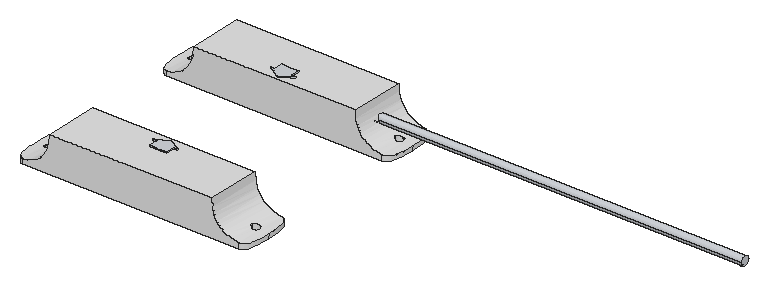
Revit family "izveshatel_io_102-26_isp_00", category Датчики, Revit 2016
Family settings
  Сохранять ориентацию аннотаций = Нет
  Тип детали = Нормальный
  Размер круглого соединителя = Использовать диаметр
  На основе рабочей плоскости = Нет
  Всегда вертикально = Да
  При загрузке вырезать с полостями = Нет
  Общий = Нет
  Точка расчета площади = Нет
Parameters (values of type "ИО 102-26 исп. 00")
  исп.200/250 = no
  исп.00 = yes
  Ширина магнита = 30 mm
  Смещение датчика от магнита [instance] = 70 mm
  Метизы = no
  Watermarked By = ""
  Type Comments = "﻿﻿                           ﻿       ﻿     ﻿       ​         ​       ​   ​                  ﻿      ​ ​  ​       ​     ​ ﻿​                    ﻿     ﻿       ﻿       ﻿     ​         ﻿               ﻿﻿"
  Изготовитель = "ООО НПП \"Магнито-Контакт\""
  Длина магнита = 130 mm
  Высота магнита = 20 mm
  URL = "http://www.m-kontakt.ru/produkt/datch_dlya_magn_konstr/ayaks_vse.html"
  Keynote = "﻿﻿                           ﻿       ﻿     ﻿       ​         ​       ​   ​                  ﻿      ​ ​  ​       ​     ​ ﻿​                    ﻿     ﻿       ﻿       ﻿     ​         ﻿               ﻿﻿"
  Description = "﻿﻿                           ﻿       ﻿     ﻿       ​         ​       ​   ​                  ﻿      ​ ​  ​       ​     ​ ﻿​                    ﻿     ﻿       ﻿       ﻿     ​         ﻿               ﻿﻿"
  BL_Разработано = "support@bimlib.ru"  # constant formula
  BL_Email = "451694@bk.ru"  # constant formula
  BL_BIM library = "https://bimlib.ru/manufacturer/company/2873"
  Assembly Code = "﻿﻿                           ﻿       ﻿     ﻿       ​         ​       ​   ​                  ﻿      ​ ​  ​       ​     ​ ﻿​                    ﻿     ﻿       ﻿       ﻿     ​         ﻿               ﻿﻿"
  ADSK_Размер_Ширина = 30 mm
  ADSK_Размер_Длина = 130 mm
  ADSK_Размер_Высота = 20 mm
  ADSK_Примечание = ""
  ADSK_Позиция = ""
  ADSK_Обозначение = "исп. 00"
  ADSK_Наименование = "Извещатель охранный точечный магнитоконтактный взрывозащищенный ИО102-26 ПАШК.425119.008"  # constant formula
  ADSK_Материал = Пластик белый
  ADSK_Масса = 0.25
  ADSK_Код изделия = ""
  ADSK_Завод-изготовитель = "ООО НПП \"Магнито-Контакт\""
  ADSK_Единица измерения = "шт."
  ADSK_Версия Revit = "2016"  # constant formula
  ADSK_URL страницы изделия = ""
  ADSK_URL документации изделия = ""
Reference planes
  plane 1 "По центру (Вперед/Назад)": y = 0
  plane 2: z = 0
  plane 3 "По центру (Влево/Вправо)": x = 0
  plane 4: x = -65
  plane 5: x = 65
  plane 6: z = 20
  plane 7: y = -35
  plane 8: y = -65
  plane 9: y = 35
  plane 10: y = 65
  plane 11: z = 20
  plane 12: x = -65
  plane 13: x = 65
Forms (mm)
  Extrusion 1, solid, material "Пластик белый" <- "ADSK_Материал", visible <- "исп.00", detail levels medium+fine
    sketch origin (0, 0, 0) x (1, 0, 0) y (0, 1, 0)
      loop
        spline (60, 35) -> (60.799, 35.104) -> (61.528, 35.417) -> (62.187, 35.937) -> (62.778, 36.667) -> (63.299, 37.604) -> (63.75, 38.75) -> (64.132, 40.104) -> (64.444, 41.667) -> (64.687, 43.437) -> (64.861, 45.417) -> (64.965, 47.604) -> (65, 50)
        spline (65, 50) -> (64.965, 52.396) -> (64.861, 54.583) -> (64.687, 56.562) -> (64.444, 58.333) -> (64.132, 59.896) -> (63.75, 61.25) -> (63.299, 62.396) -> (62.778, 63.333) -> (62.187, 64.062) -> (61.528, 64.583) -> (60.799, 64.896) -> (60, 65)
        line (60, 65) -> (-60, 65)
        spline (-60, 65) -> (-60.799, 64.896) -> (-61.528, 64.583) -> (-62.187, 64.062) -> (-62.778, 63.333) -> (-63.299, 62.396) -> (-63.75, 61.25) -> (-64.132, 59.896) -> (-64.444, 58.333) -> (-64.687, 56.562) -> (-64.861, 54.583) -> (-64.965, 52.396) -> (-65, 50)
        spline (-65, 50) -> (-64.965, 47.604) -> (-64.861, 45.417) -> (-64.687, 43.437) -> (-64.444, 41.667) -> (-64.132, 40.104) -> (-63.75, 38.75) -> (-63.299, 37.604) -> (-62.778, 36.667) -> (-62.187, 35.937) -> (-61.528, 35.417) -> (-60.799, 35.104) -> (-60, 35)
        line (-60, 35) -> (60, 35)
    from 0 to 20
  Extrusion 2, solid, material "Пластик белый" <- "ADSK_Материал", visible <- "исп.00", detail levels medium+fine
    sketch origin (0, 0, 0) x (1, 0, 0) y (0, 1, 0)
      loop
        spline (-60, -35) -> (-60.799, -35.104) -> (-61.528, -35.417) -> (-62.188, -35.937) -> (-62.778, -36.667) -> (-63.299, -37.604) -> (-63.75, -38.75) -> (-64.132, -40.104) -> (-64.444, -41.667) -> (-64.687, -43.437) -> (-64.861, -45.417) -> (-64.965, -47.604) -> (-65, -50)
        spline (-65, -50) -> (-64.965, -52.396) -> (-64.861, -54.583) -> (-64.687, -56.562) -> (-64.444, -58.333) -> (-64.132, -59.896) -> (-63.75, -61.25) -> (-63.299, -62.396) -> (-62.778, -63.333) -> (-62.187, -64.062) -> (-61.528, -64.583) -> (-60.799, -64.896) -> (-60, -65)
        line (-60, -65) -> (60, -65)
        spline (60, -65) -> (60.799, -64.896) -> (61.528, -64.583) -> (62.187, -64.062) -> (62.778, -63.333) -> (63.299, -62.396) -> (63.75, -61.25) -> (64.132, -59.896) -> (64.444, -58.333) -> (64.687, -56.562) -> (64.861, -54.583) -> (64.965, -52.396) -> (65, -50)
        spline (65, -50) -> (64.965, -47.604) -> (64.861, -45.417) -> (64.687, -43.437) -> (64.444, -41.667) -> (64.132, -40.104) -> (63.75, -38.75) -> (63.299, -37.604) -> (62.778, -36.667) -> (62.188, -35.937) -> (61.528, -35.417) -> (60.799, -35.104) -> (60, -35)
        line (60, -35) -> (-60, -35)
    from 0 to 20
  Extrusion 3, void
    sketch origin (0, 0, 0) x (1, 0, 0) y (0, 0, 1)
      loop
        spline (-65, 2.4) -> (-61.823, 2.523) -> (-58.923, 2.889) -> (-56.299, 3.5) -> (-53.951, 4.356) -> (-51.879, 5.456) -> (-50.084, 6.8) -> (-48.565, 8.389) -> (-47.322, 10.222) -> (-46.355, 12.3) -> (-45.664, 14.622) -> (-45.25, 17.189) -> (-45.112, 20)
        line (-45.112, 20) -> (-65, 20) -> (-65, 2.4)
    from -65 to 65
  Extrusion 4, void
    sketch origin (0, 0, 0) x (-1, 0, 0) y (0, 0, -1)
      loop
        line (-65, -2.4) -> (-65, -20) -> (-45.112, -20)
        spline (-45.112, -20) -> (-45.25, -17.189) -> (-45.664, -14.622) -> (-46.355, -12.3) -> (-47.322, -10.222) -> (-48.565, -8.389) -> (-50.084, -6.8) -> (-51.879, -5.456) -> (-53.951, -4.356) -> (-56.299, -3.5) -> (-58.923, -2.889) -> (-61.823, -2.523) -> (-65, -2.4)
    from -65 to 65
  Extrusion 5, void
    sketch origin (0, 0, 0) x (1, 0, 0) y (0, 1, 0)
      loop
        circle (-57.5, -50) r 2.25
    from 0 to 20
  Extrusion 6, void
    sketch origin (0, 0, 0) x (-1, 0, 0) y (0, -1, 0)
      loop
        circle (-57.5, 50) r 2.25
    from 0 to 20
  Extrusion 7, void
    sketch origin (0, 0, 0) x (1, 0, 0) y (0, 1, 0)
      loop
        circle (-57.5, 50) r 2.25
    from 0 to 20
  Extrusion 8, void
    sketch origin (0, 0, 0) x (-1, 0, 0) y (0, -1, 0)
      loop
        circle (-57.5, -50) r 2.25
    from 0 to 20
  Extrusion 9, solid, detail levels fine
    sketch origin (0, 0, 0) x (0, 1, 0) y (0, 0, 1)
      loop
        circle (50, 10.11) r 2.25
    from 44.658 to 250
  Extrusion 10, solid, detail levels medium+fine
    sketch origin (0, -23.906, 0.428) x (1, 0, 0) y (0, 1, 0)
      loop
        line (0, 60.851) -> (7.071, 64.933) -> (4.651, 64.933) -> (4.651, 69.933) -> (0, 69.933) -> (-4.651, 69.933) -> (-4.651, 64.933) -> (-7.071, 64.933) -> (0, 60.851)
    from 19.122 to 20.022
  Extrusion 11, solid, not visible, detail levels medium+fine
    sketch origin (0, -20.156, 8.292) x (1, 0, 0) y (0, 1, 0)
      loop
        line (0, 60.851) -> (7.071, 64.933) -> (4.651, 64.933) -> (4.651, 69.933) -> (0, 69.933) -> (-4.651, 69.933) -> (-4.651, 64.933) -> (-7.071, 64.933) -> (0, 60.851)
    from 19.122 to 20.022
  Extrusion 12, solid, material "Пластик белый" <- "ADSK_Материал", visible <- "Метизы", not visible, detail levels medium+fine
    sketch origin (0, 0, 0) x (1, 0, 0) y (0, 0, 1)
      loop
        line (-34.626, 21.529) -> (-37.49, 26.489) -> (-43.217, 26.489) -> (-46.08, 21.529) -> (-43.217, 16.57) -> (-37.49, 16.57) -> (-34.626, 21.529)
      loop
        line (34.626, 21.529) -> (37.49, 16.57) -> (43.217, 16.57) -> (46.08, 21.529) -> (43.217, 26.489) -> (37.49, 26.489) -> (34.626, 21.529)
    from -111.796 to -110
  Extrusion 13, solid, material "Пластик белый" <- "ADSK_Материал", visible <- "Метизы", not visible, detail levels medium+fine
    sketch origin (0, 0, 0) x (1, 0, 0) y (0, 0, 1)
      loop
        circle (-40.251, 21.529) r 2
      loop
        circle (40.251, 21.529) r 2
    from -125.502 to -110
  Extrusion 14, solid, detail levels medium+fine
    sketch origin (0, -23.906, 0.428) x (1, 0, 0) y (0, 1, 0)
      loop
        line (0, -13.038) -> (-7.071, -17.121) -> (-4.651, -17.121) -> (-4.651, -22.121) -> (0, -22.121) -> (4.651, -22.121) -> (4.651, -17.121) -> (7.071, -17.121) -> (0, -13.038)
    from 19.122 to 20.022
Cuts and joins
  Extrusion 3, Extrusion 4, Extrusion 5, Extrusion 6, Extrusion 7, Extrusion 8 cuts Extrusion 2
  Extrusion 3, Extrusion 4, Extrusion 7, Extrusion 8 cuts Extrusion 1
Lines and regions (mm)
  reference lines
    curve 1: line (0, 54.016, 20) -> (0, 35.551, 20)
    curve 4: line (0, -54.016, 20) -> (0, -35.551, 20)
  reference lines, not visible
    curve 2: line (0, 57.766, 27.864) -> (0, 39.301, 27.864)
    curve 3: line (0, 125.502, 21.529) -> (0, 105.502, 21.529)
Dimensions and locks
  equal spacing: plane 4, plane 3 "По центру (Влево/Вправо)", plane 5
  "Длина магнита": plane 4 to plane 5
  "ADSK_Размер_Высота": level to plane 6
  equal spacing: plane 9, plane 1 "По центру (Вперед/Назад)", plane 7
  "Смещение датчика от магнита": plane 7 to plane 9
  "Ширина магнита": plane 9 to plane 10
  "ADSK_Размер_Ширина": plane 7 to plane 8
  "Высота магнита": plane 11 to level
  equal spacing: plane 12, plane 3 "По центру (Влево/Вправо)", plane 13
  "ADSK_Размер_Длина": plane 12 to plane 13
  equal spacing: plane 7, Extrusion 5 sketch curve, plane 8
  locked: plane 12 to Extrusion 5 sketch curve at 7.5
  equal spacing: plane 7, Extrusion 6 sketch curve, plane 8
  locked: Extrusion 6 sketch curve to plane 13 at 7.5
  equal spacing: plane 10, Extrusion 9 sketch curve, plane 9
  locked: Extrusion 9 sketch curve to level at 10.11
  Extrusion 10 to plane 11 = 0.45 mm
  aligned and locked: level to plane 2
  aligned and locked: Extrusion 1 sketch curve to plane 9
  aligned and locked: plane 11 to Extrusion 1
  aligned and locked: Extrusion 2 sketch curve to plane 7
  aligned and locked: plane 8 to Extrusion 2 sketch curve
  aligned and locked: plane 6 to Extrusion 2
  aligned and locked: Extrusion 3 sketch curve to plane 4
  aligned and locked: plane 6 to Extrusion 3 sketch curve
  aligned and locked: Extrusion 2 to Extrusion 4
  aligned and locked: Extrusion 3 to Extrusion 2
  aligned and locked: plane 6 to Extrusion 5
  aligned and locked: plane 6 to Extrusion 6
  aligned and locked: curve 1 to plane 11
Automatic sketch dimensions
  curve 1 to curve 1 = 18.465 mm
  curve 2 to curve 2 = 18.465 mm
  plane 4 to Extrusion 3 sketch curve = 19.888 mm
  level to Extrusion 3 sketch curve = 2.4 mm
  Extrusion 7 sketch curve to plane 4 = 7.5 mm
  plane 9 to Extrusion 7 sketch curve = 15 mm
  plane 5 to Extrusion 8 sketch curve = 7.5 mm
  Extrusion 8 sketch curve to plane 9 = 15 mm
  Extrusion 12 sketch curve to Extrusion 12 sketch curve = 2.864 mm  (x6)
  Extrusion 12 sketch curve to Extrusion 12 sketch curve = 5.727 mm  (x4)
  Extrusion 12 sketch curve to Extrusion 12 sketch curve = 4.96 mm  (x7)
  Extrusion 12 sketch curve to Extrusion 12 sketch curve = 69.252 mm
  Extrusion 13 sketch curve to Extrusion 13 sketch curve = 80.502 mm
  Extrusion 13 sketch curve to Extrusion 13 sketch curve = 0 mm
  curve 3 to curve 3 = 20 mm
  Extrusion 10 sketch curve to Extrusion 10 sketch curve = 2.42 mm  (x2)
  Extrusion 10 sketch curve to Extrusion 10 sketch curve = 4.651 mm  (x3)
  Extrusion 10 sketch curve to Extrusion 10 sketch curve = 4.082 mm  (x2)
  Extrusion 10 sketch curve to Extrusion 10 sketch curve = 5 mm
  Extrusion 11 sketch curve to Extrusion 11 sketch curve = 2.42 mm  (x2)
  Extrusion 11 sketch curve to Extrusion 11 sketch curve = 4.651 mm  (x3)
  Extrusion 11 sketch curve to Extrusion 11 sketch curve = 4.082 mm  (x2)
  Extrusion 11 sketch curve to Extrusion 11 sketch curve = 5 mm
  Extrusion 1 sketch curve to plane 4 = 0 mm
  plane 10 to Extrusion 1 sketch curve = 0 mm
  Extrusion 1 sketch curve to plane 5 = 0 mm
  plane 4 to Extrusion 1 sketch curve = 5 mm  (x2)
  plane 5 to Extrusion 1 sketch curve = 5 mm  (x2)
  Extrusion 1 sketch curve to plane 9 = 15 mm  (x2)
  curve 4 to curve 4 = 18.465 mm
  Extrusion 14 sketch curve to Extrusion 14 sketch curve = 2.42 mm  (x2)
  Extrusion 14 sketch curve to Extrusion 14 sketch curve = 4.651 mm  (x3)
  Extrusion 14 sketch curve to Extrusion 14 sketch curve = 4.082 mm  (x2)
  Extrusion 14 sketch curve to Extrusion 14 sketch curve = 5 mm
  Extrusion 2 sketch curve to plane 4 = 0 mm
  Extrusion 2 sketch curve to plane 5 = 0 mm
  plane 4 to Extrusion 2 sketch curve = 5 mm  (x2)
  plane 5 to Extrusion 2 sketch curve = 5 mm  (x2)
  Extrusion 2 sketch curve to plane 7 = 15 mm  (x2)
  plane 5 to Extrusion 4 sketch curve = 0 mm
  Extrusion 4 sketch curve to plane 6 = 0 mm
  Extrusion 4 sketch curve to plane 5 = 19.888 mm
  Extrusion 4 sketch curve to level = 2.4 mm
  radius of Extrusion 5 sketch curve = 2.25 mm
  radius of Extrusion 6 sketch curve = 2.25 mm
  radius of Extrusion 9 sketch curve = 2.25 mm
  radius of Extrusion 7 sketch curve = 2.25 mm
  radius of Extrusion 8 sketch curve = 2.25 mm
  radius of Extrusion 13 sketch curve = 2 mm  (x2)
Nested families
  nested 1: "уго_извещатель" at (0, 0, 0), type "уго_извещатель", detail levels coarse
Connectors
  electrical at (0, 0, 0)
    settings: index 1, voltage 0 V, apparent load 0 VA, apparent load phase1 0 VA, apparent load phase2 0 VA, apparent load phase3 0 VA, power factor 1, load classification "Прочее", number of poles 1, system type 10, power factor state 1, is connector primary yes, connector utility no, sub classification motor no, connector description ""
Definition of nested family "уго_извещатель"
  Parameters (values of type "уго_извещатель")
    Watermarked By = ""
  Reference planes
    plane 1: y = 0
    plane 2: x = 0
  Lines and regions (mm)
    Filled region 1, type "Цветовая область 1"
      outline origin (0, 0, 0) x (1, 0, 0) y (0, 1, 0)
        loop
          line (-2.5, 2.5) -> (-2.5, 0.9) -> (2.5, 0.9) -> (2.5, 2.5) -> (-2.5, 2.5)
    Filled region 2, type "Цветовая область 1"
      outline origin (0, 0, 0) x (1, 0, 0) y (0, 1, 0)
        loop
          line (-2.5, -0.9) -> (-2.5, -2.5) -> (2.5, -2.5) -> (2.5, -0.9) -> (-2.5, -0.9)
    detail lines
      curve 1: line (-2.5, 2.5, 0) -> (2.5, 2.5, 0)
      curve 2: line (-2.5, -2.5, 0) -> (-2.5, 2.5, 0)
      curve 3: line (2.5, -2.5, 0) -> (-2.5, -2.5, 0)
      curve 4: line (2.5, 2.5, 0) -> (2.5, -2.5, 0)
      curve 5: line (-2.5, 0.9, 0) -> (2.5, 0.9, 0)
      curve 6: line (-2.5, -0.9, 0) -> (2.5, -0.9, 0)
